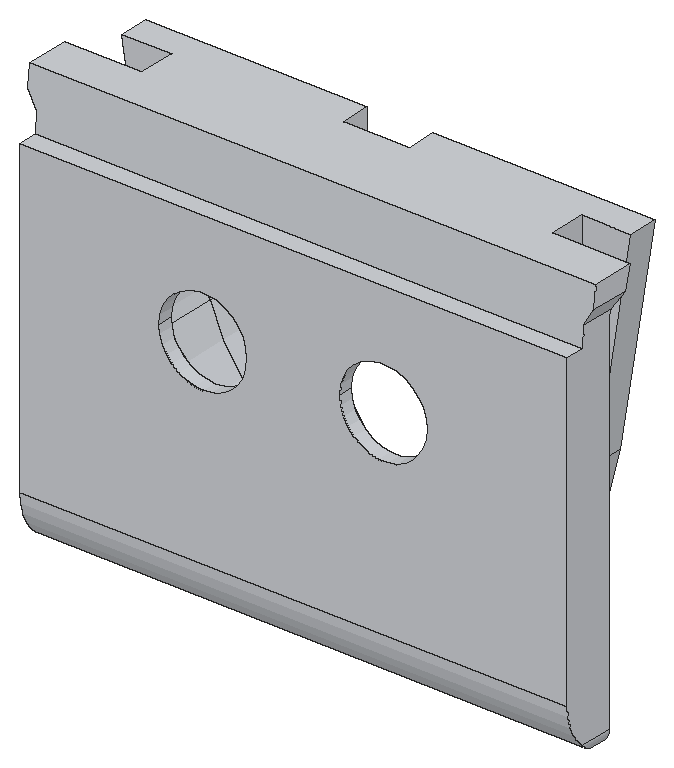
Revit family "Gira_001230", category Electrical Fixtures, Revit 2017
Family settings
  Maintain Annotation Orientation = No
  Round Connector Dimension = Use Diameter
  Part Type = Normal
  Work Plane-Based = No
  Always vertical = Yes
  Cut with Voids When Loaded = No
  Shared = No
  Room Calculation Point = No
Parameters (values of type "closure cab.entry 2-g WP SM grey")
  URL = "https://www.gira.de/"
  Type Comments = ""
  Suitable for built-up box flush-mounted switching equipment = no
  Model = "Slider with 2 inlets"
  Manufacturer = "Gira"
  Keynote = ""
  HeinzeBIM = "https://www.heinze.de/bim/closure-cab-entry-2-g-wp-sm-grey/8b52b8242170ea874e1da596cdf3f3d8406993a6"
  HAN = "001230"
  GTIN = "4010337012306"
  Description = "Closure cab.entry 2g WP SM GY Seal with cable entry 2-gang (twin entry) grey Notes : - For cables  6 to 13 mm."
  Cost = 0
  Colour = "Grey"
  BIMSITE_PRODUCT_ID = "8b52b8242170ea874e1da596cdf3f3d8406993a6"
  BIM = "https://media.live.bim.site/t/eyJhbGciOiJIUzI1NiIsInR5cCI6IkpXVCJ9.eyJjdCI6MSwidGYiOiJwdWJsaWMvZ2lyYS8wOWY1ZGI1L0dpcmFfMDAxMjMwLnJmYSIsImNpZCI6ImZlZDk4ZTlhLTFiZDgtNGM2OC1hNzNiLTc0YTk0ZTMxNTgyMyIsInJpZCI6ImIxOTU5MzNmNGVmZGNjNWJlNmQ3M2U2ZjdjNWVkYzYwIiwicGlkIjoiOGI1MmI4MjQyMTcwZWE4NzRlMWRhNTk2Y2RmM2YzZDg0MDY5OTNhNiIsInNpZCI6IjYzNDcwIiwidXQiOjUsImxjIjoiZW4iLCJpYXQiOjE2MDc1MjQwODQsImlzcyI6Imh0dHBzOi8vYXBpLmxpdmUuYmltLnNpdGUiLCJzdWIiOiI4ZDNhYTVjYi1lMDY2LTQ1OTgtYmUxNi02ZTE2ZWU3NDk1NmEifQ.XiVMfuMOf1lGit-yv2f2iJneXq3qhkt4jvMsTNWMrwE/Gira_001230.rfa"
  Assembly Code = ""
Reference planes
  plane 1 "Center (Front/Back)": y = 0
  plane 2: z = 1046.384
  plane 3 "Center (Left/Right)": x = 0
Forms (mm)
  Extrusion 1, solid, detail levels fine
    sketch origin (0, 0, 0) x (0, 1, 0) y (0, 0, 1)
      loop
        line (-7.75, 1042.384) -> (-9.1, 1042.384) -> (-9.1, 1021.084)
        arc (-9.1, 1021.084) -> (-8.066, 1018.401) -> (-5.5, 1017.104) r 4
        line (-5.5, 1017.104) -> (-5.5, 1043.384) -> (-4.5, 1046.384) -> (-7.47, 1046.384) -> (-7.75, 1042.384)
    from -23 to 23
  Extrusion 2, void
    sketch origin (0, 0, 0) x (1, 0, 0) y (0, 0, 1)
      loop
        line (-18.65, 1018.11) -> (-18.65, 1043.758) -> (-19.3, 1044.884) -> (-19.3, 1050.669) -> (-27.016, 1050.669) -> (-27.016, 1012.637) -> (27.984, 1012.637) -> (27.984, 1050.669) -> (19.3, 1050.669) -> (19.3, 1044.884) -> (18.65, 1043.758) -> (18.65, 1018.11)
        arc (18.65, 1018.11) -> (18.356, 1017.399) -> (17.645, 1017.104) r 1.005
        line (17.645, 1017.104) -> (-17.645, 1017.104)
        arc (-17.645, 1017.104) -> (-18.356, 1017.399) -> (-18.65, 1018.11) r 1.005
    from 0 to 250
  Extrusion 3, solid, detail levels fine
    sketch origin (0, 0, 0) x (1, 0, 0) y (0, 0, 1)
      loop
        arc (-15.013, 1031.506) -> (0, 1018.684) -> (15.013, 1031.506) r 15.2
        line (15.013, 1031.506) -> (17.369, 1046.384) -> (2.25, 1046.384) -> (2.25, 1043.384) -> (11.9, 1043.384) -> (11.9, 1034.684)
        arc (11.9, 1034.684) -> (11.766, 1033.451) -> (11.371, 1032.274) r 5.75
        arc (11.371, 1032.274) -> (0, 1023.884) -> (-11.371, 1032.274) r 11.9
        arc (-11.371, 1032.274) -> (-11.766, 1033.451) -> (-11.9, 1034.684) r 5.75
        line (-11.9, 1034.684) -> (-11.9, 1043.384) -> (-2.25, 1043.384) -> (-2.25, 1046.384) -> (-17.369, 1046.384) -> (-15.013, 1031.506)
    from 0 to 2
  Extrusion 4, solid, detail levels fine
    sketch origin (0, 0, 0) x (1, 0, 0) y (0, 0, 1)
      loop
        line (-11.9, 1043.384) -> (-11.9, 1034.684)
        arc (-11.9, 1034.684) -> (-11.766, 1033.451) -> (-11.371, 1032.274) r 5.75
        arc (-11.371, 1032.274) -> (0, 1023.884) -> (11.371, 1032.274) r 11.9
        arc (11.371, 1032.274) -> (11.766, 1033.451) -> (11.9, 1034.684) r 5.75
        line (11.9, 1034.684) -> (11.9, 1043.384) -> (-11.9, 1043.384)
      loop
        line (-14, 1046.384) -> (-14, 1042.371) -> (-12.346, 1031.929)
        arc (-12.346, 1031.929) -> (0, 1021.384) -> (12.346, 1031.929) r 12.5
        line (12.346, 1031.929) -> (14, 1041.493) -> (14, 1046.384) -> (-14, 1046.384)
    from 2 to 5.5
  Extrusion 5, void
    sketch origin (0, 0, 0) x (1, 0, 0) y (0, 0, 1)
      loop
        circle (-6.15, 1034.684) r 3
      loop
        circle (6.15, 1034.684) r 3
    from -7 to 14
  Extrusion 6, void
    sketch origin (0, 0, 0) x (1, 0, 0) y (0, 0, 1)
      loop
        circle (-6.15, 1034.684) r 5.75
      loop
        arc (0, 1030.845) -> (-3.991, 1027.763) -> (-9.026, 1028.029) r 7.25
        arc (-9.026, 1028.029) -> (0, 1023.884) -> (9.026, 1028.029) r 11.9
        arc (9.026, 1028.029) -> (3.991, 1027.763) -> (0, 1030.845) r 7.25
      loop
        circle (6.15, 1034.684) r 5.75
    from 4.5 to 8.1
  Extrusion 7, solid, detail levels coarse
    sketch origin (0, 0, 0) x (1, 0, 0) y (0, 0, 1)
      loop
        line (19.3, 1046.384) -> (-19.3, 1046.384) -> (-19.3, 1017.104) -> (19.3, 1017.104) -> (19.3, 1046.384)
    from 0 to 9.1
  Extrusion 8, solid, detail levels medium
    sketch origin (0, 0, 0) x (0, 1, 0) y (0, 0, 1)
      loop
        line (-9.1, 1046.384) -> (-9.1, 1017.104) -> (-5.5, 1017.104) -> (-5.5, 1046.384) -> (-9.1, 1046.384)
    from -19.3 to 19.3
  Extrusion 9, solid, detail levels medium
    sketch origin (0, 0, 0) x (1, 0, 0) y (0, 0, 1)
      loop
        arc (-15.013, 1031.506) -> (0, 1018.684) -> (15.013, 1031.506) r 15.2
        line (15.013, 1031.506) -> (17.369, 1046.384) -> (-17.369, 1046.384) -> (-15.013, 1031.506)
    from 0 to 5.5
Cuts and joins
  Extrusion 2, Extrusion 5, Extrusion 6 cuts Extrusion 1
  joined: Extrusion 1, Extrusion 3, Extrusion 4
  joined: Extrusion 8, Extrusion 9
Lines and regions (mm)
  reference lines
    curve 1: line (-19.3, -4.55, 1046.384) -> (19.3, -4.55, 1046.384)
Dimensions and locks
  aligned and locked: level to plane 2
